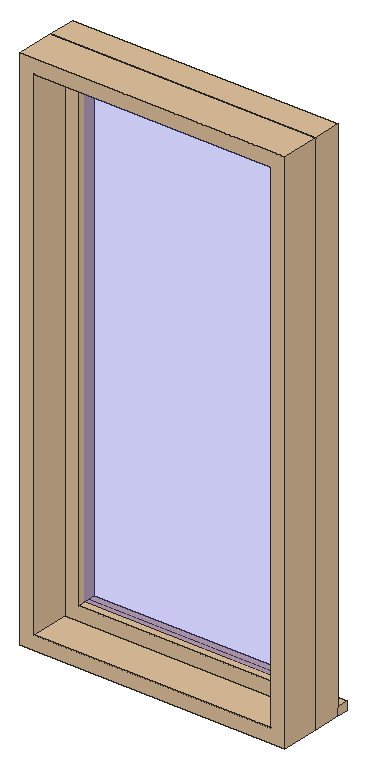
Revit family "M_Instância-janela-fixa", category Janelas, Revit 2019
Family settings
  Hospedeiro = Parede
  Número OmniClass = 23.30.20.17.11
  Título OmniClass = Fixed Windows
  ID de item do Seek = Instance - Fixed-0000-CAN-ENU
  Sempre na vertical = Sim
  Corte com vazios quando carregada = Não
  Compartilhado = Não
  Ponto de cálculo do ambiente = Não
Parameters (values of type "0610 x 1220mm")
  Visual Light Transmittance = 0.9
  Resistência térmica (R) = 0.1491 (m²·K)/W
  Solar Heat Gain Coefficient = 0.86
  ID do tipo de construção = "GSP4R"
  Coeficiente de transferência de calor (U) = 6.7069 W/(m²·K)
  Material do painel de vidro = Vidro
  Height [instance] = 1220.00 mm
  Material do caixilho = Caixilho
  Altura-padrão do peitoril = 915.00 mm
  Fechamento da parede = Por hospedeiro
  Width [instance] = 610.00 mm
  Janela aplicada = 19.00 mm
  Construção analítica = "Vidraça única Pilkington 1/8 pol"
Types (4, lengths in mm): name | Visual Light Transmittance | Resistência térmica (R) | Solar Heat Gain Coefficient | ID do tipo de construção | Coeficiente de transferência de calor (U) | Height | Altura-padrão do peitoril | Width | Construção analítica
  (no name) | 0.9 | 0.1491 (m²·K)/W | 0.86 | "GSP4R" | 6.7069 W/(m²·K) | 1220.00 | 915.00 | 610.00 | "Vidraça única Pilkington 1/8 pol"
  0610 x 1220mm | 0.9 | 0.1491 (m²·K)/W | 0.86 | "GSP4R" | 6.7069 W/(m²·K) | 1220.00 | 915.00 | 610.00 | "Vidraça única Pilkington 1/8 pol"
  0406 x 610mm | 0 | 0.0000 (m²·K)/W | 0 | "MDOOR" | 3.7021 W/(m²·K) | 610.00 | 915.00 | 406.00 | "Metal"
  0915 x 1830mm | 0 | 0.0000 (m²·K)/W | 0 | "MDOOR" | 3.7021 W/(m²·K) | 1830.00 | 305.00 | 915.00 | "Metal"
Reference planes
  plane 1: y = 0
  plane 2: z = 0
  plane 3 "Centro": x = -38.1
  plane 4 "Esquerda": x = -343.1
  plane 5 "Direita": x = 266.9
  plane 6 "Peitoril": z = 915
  plane 7 "Superior": z = 2135
  plane 8: y = 76.2
  plane 9: y = -76.2
  plane 10: y = 57.2
  plane 11 "Fechamento": y = 28.625
Forms (mm)
  Extrusion 1, solid, material "Caixilho" <- "Material do caixilho"
    sketch origin (0, 0, 0) x (1, 0, 0) y (0, 0, 1)
      loop
        line (-343.1, 2135) -> (-343.1, 915) -> (266.9, 915) -> (266.9, 2135) -> (-343.1, 2135)
      loop
        line (-324.05, 2115.95) -> (-324.05, 934.05) -> (247.85, 934.05) -> (247.85, 2115.95) -> (-324.05, 2115.95)
    from -76.2 to -12.75
  Extrusion 2, solid
    sketch origin (0, 0, 0) x (-1, 0, 0) y (0, 0, 1)
      loop
        line (-266.9, 2135) -> (-266.9, 915) -> (343.1, 915) -> (343.1, 2135) -> (-266.9, 2135)
      loop
        line (-235.15, 2103.25) -> (-235.15, 946.75) -> (311.35, 946.75) -> (311.35, 2103.25) -> (-235.15, 2103.25)
    from 12.75 to -76.2
  Extrusion 3, solid, material "Caixilho" <- "Material do caixilho"
    sketch origin (0, 0, 0) x (-1, 0, 0) y (0, 0, 1)
      loop
        line (-247.85, 2115.95) -> (-247.85, 934.05) -> (324.05, 934.05) -> (324.05, 2115.95) -> (-247.85, 2115.95)
      loop
        line (-203.4, 2071.5) -> (-203.4, 978.5) -> (279.6, 978.5) -> (279.6, 2071.5) -> (-203.4, 2071.5)
    from 12.75 to 57.2
  Extrusion 4, solid, material "Vidro" <- "Material do painel de vidro"
    sketch origin (-124.971, 0, -117.036) x (1, 0, 0) y (0, 0, 1)
      loop
        line (-154.629, 2188.536) -> (-154.629, 1095.536) -> (328.371, 1095.536) -> (328.371, 2188.536) -> (-154.629, 2188.536)
    from -41.325 to -28.625
  Extrusion 5, solid, material "Caixilho" <- "Material do caixilho"
    sketch origin (0, 0, 0) x (-1, 0, 0) y (0, 0, 1)
      loop
        line (-266.9, 934.05) -> (-266.9, 915) -> (343.1, 915) -> (343.1, 934.05) -> (-266.9, 934.05)
    from 76.2 to 101.6
Lines and regions (mm)
  Opening 1
    outline origin (-1524, -76.2, 0) x (1, 0, 0) y (0, 0, 1)
      loop
        line (1180.9, 2135) -> (1180.9, 915) -> (1790.9, 915) -> (1790.9, 2135) -> (1180.9, 2135)
  symbolic lines, style "WindowsFrameMullionProjection"
    curve 1: line (-343.1, 76.2, 0) -> (-324.05, 76.2, 0)
    curve 2: line (-324.05, 12.75, 0) -> (-324.05, 76.2, 0)
    curve 3: line (-324.05, 12.75, 0) -> (-311.35, 12.75, 0)
    curve 4: line (-311.35, -76.2, 0) -> (-311.35, 12.75, 0)
    curve 5: line (266.9, 76.2, 0) -> (247.85, 76.2, 0)
    curve 6: line (235.15, 12.75, 0) -> (235.15, -76.2, 0)
    curve 7: line (235.15, 12.75, 0) -> (247.85, 12.75, 0)
    curve 8: line (247.85, 12.75, 0) -> (247.85, 76.2, 0)
    curve 9: line (-324.05, 57.2, 0) -> (-279.6, 57.2, 0)
    curve 10: line (-324.05, 57.2, 0) -> (-324.05, 12.75, 0)
    curve 11: line (-324.05, 12.75, 0) -> (-279.6, 12.75, 0)
    curve 12: line (-279.6, 57.2, 0) -> (-279.6, 12.75, 0)
    curve 13: line (247.85, 57.2, 0) -> (203.4, 57.2, 0)
    curve 14: line (247.85, 57.2, 0) -> (247.85, 12.75, 0)
    curve 15: line (247.85, 12.75, 0) -> (203.4, 12.75, 0)
    curve 16: line (203.4, 57.2, 0) -> (203.4, 12.75, 0)
    curve 18: line (-311.35, -76.2, 0) -> (-343.1, -76.2, 0)
    curve 19: line (235.15, -76.2, 0) -> (266.9, -76.2, 0)
  symbolic lines, style "WindowsGlassProjection"
    curve 17: line (-279.6, 34.975, 0) -> (203.4, 34.975, 0)
Text (mm)
  text "EXTERIOR" at (-1186.152, 579.219, 0), in view "Linha do piso"
  text "INTERIOR" at (-1186.152, -450.135, 0), in view "Linha do piso"
  text "Exterior" at (0, 1486.397, 2483.789), in view "Esquerda"
  text "Exterior" at (0, 464.664, 3176.206), in view "Direita"
Dimensions and locks
  equal spacing: plane 4 "Esquerda", plane 3 "Centro", plane 5 "Direita"
  "Width": plane 4 "Esquerda" to plane 5 "Direita"
  "Altura-padrão do peitoril": plane 2 to plane 6 "Peitoril"
  "Janela aplicada": plane 8 to plane 10
  locked: plane 10 to Extrusion 3 at 44.45
  locked: plane 10 to Extrusion 4 at 15.875
  locked: Extrusion 4 to Extrusion 4 at 12.7
  locked: Extrusion 5 sketch curve to Extrusion 1 at 19.05
  "Height": plane 6 "Peitoril" to plane 7 "Superior"
  locked: Extrusion 5 to Extrusion 1 at 25.4
  locked: plane 11 "Fechamento" to plane 8 at 47.575
  aligned and locked: plane 7 "Superior" to Opening 1 sketch curve
  aligned and locked: plane 6 "Peitoril" to Opening 1 sketch curve  (x2)
  aligned and locked: plane 5 "Direita" to Opening 1 sketch curve
  aligned and locked: plane 4 "Esquerda" to Opening 1 sketch curve
  aligned and locked: plane 9 to host wall
  aligned and locked: host wall to Extrusion 2
  aligned and locked: plane 10 to Extrusion 3
  aligned and locked: plane 8 to host wall
  aligned and locked: host wall to Extrusion 1
  aligned and locked: Extrusion 2 to Extrusion 1
  aligned and locked: Extrusion 1 to Extrusion 3
  aligned and locked: Extrusion 4 sketch curve to Extrusion 3  (x4)
  aligned and locked: curve 5 to Extrusion 1  (x2)
  aligned and locked: curve 6 to Extrusion 2
  aligned and locked: curve 4 to Extrusion 2
  aligned and locked: curve 16 to Extrusion 3
  aligned and locked: Extrusion 1 to curve 11
  aligned and locked: Extrusion 1 to curve 7
  aligned and locked: Extrusion 5 to host wall
Automatic sketch dimensions
  Extrusion 1 sketch curve to plane 4 "Esquerda" = 0.00 mm
  Extrusion 1 sketch curve to plane 5 "Direita" = 0.00 mm
  Extrusion 1 sketch curve to plane 4 "Esquerda" = 19.05 mm
  plane 5 "Direita" to Extrusion 1 sketch curve = 19.05 mm
  Extrusion 1 sketch curve to plane 6 "Peitoril" = 0.00 mm
  Extrusion 1 sketch curve to plane 7 "Superior" = 0.00 mm
  Extrusion 1 sketch curve to plane 6 "Peitoril" = 19.05 mm
  plane 7 "Superior" to Extrusion 1 sketch curve = 19.05 mm
  Extrusion 2 sketch curve to plane 5 "Direita" = 0.00 mm
  Extrusion 2 sketch curve to plane 4 "Esquerda" = 0.00 mm
  plane 5 "Direita" to Extrusion 2 sketch curve = 31.75 mm
  Extrusion 2 sketch curve to plane 4 "Esquerda" = 31.75 mm
  Extrusion 2 sketch curve to plane 6 "Peitoril" = 0.00 mm
  Extrusion 2 sketch curve to plane 7 "Superior" = 0.00 mm
  Extrusion 2 sketch curve to plane 6 "Peitoril" = 31.75 mm
  plane 7 "Superior" to Extrusion 2 sketch curve = 31.75 mm
  plane 5 "Direita" to Extrusion 3 sketch curve = 19.05 mm
  plane 5 "Direita" to Extrusion 3 sketch curve = 63.50 mm
  Extrusion 3 sketch curve to plane 4 "Esquerda" = 63.50 mm
  Extrusion 3 sketch curve to plane 4 "Esquerda" = 19.05 mm
  Extrusion 3 sketch curve to plane 6 "Peitoril" = 19.05 mm
  Extrusion 3 sketch curve to plane 6 "Peitoril" = 63.50 mm
  plane 7 "Superior" to Extrusion 3 sketch curve = 63.50 mm
  plane 7 "Superior" to Extrusion 3 sketch curve = 19.05 mm
  curve 18 to plane 4 "Esquerda" = 0.00 mm
  curve 1 to plane 4 "Esquerda" = 0.00 mm
  curve 2 to plane 8 = 0.00 mm
  curve 10 to plane 10 = 0.00 mm
  curve 13 to plane 10 = 0.00 mm
  curve 19 to plane 5 "Direita" = 0.00 mm
  curve 1 to curve 2 = 19.05 mm
  curve 9 to curve 12 = 44.45 mm
  plane 5 "Direita" to curve 13 = 19.05 mm
  curve 19 to plane 9 = 0.00 mm
  curve 4 to plane 9 = 0.00 mm
  curve 11 to curve 17 = 22.225 mm
  Extrusion 5 sketch curve to plane 5 "Direita" = 0.00 mm
  Extrusion 5 sketch curve to plane 4 "Esquerda" = 0.00 mm
  Extrusion 5 sketch curve to plane 6 "Peitoril" = 19.05 mm
